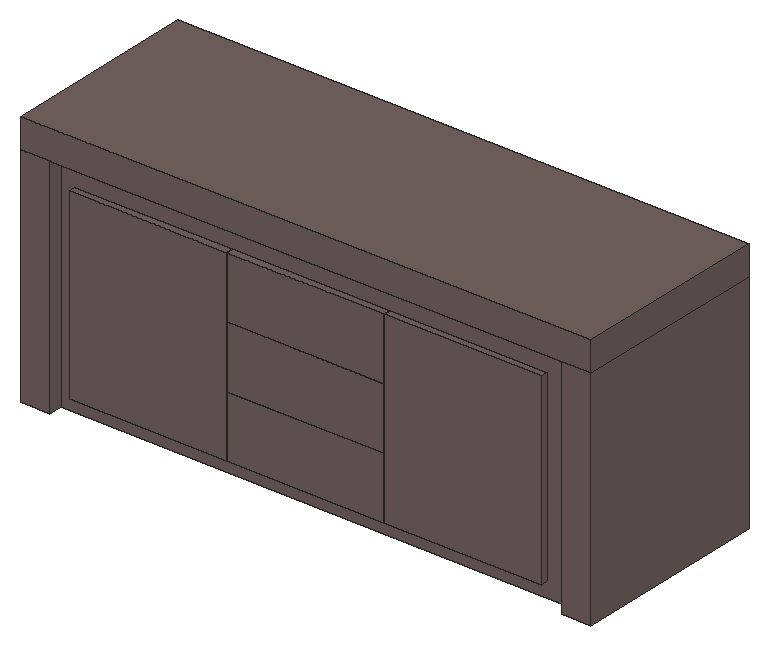
Revit family
Parameters
  Assembly Code = ""
Reference planes
  plane 1 "Center (Front/Back)": y = 0
  plane 2: z = 0
  plane 3 "Center (Left/Right)": x = 0
Forms (mm)
  Extrusion 1, solid, material "Cabinet Body"
    sketch origin (0, 0, 0) x (1, 0, 0) y (0, 1, 0)
      loop
        line (-725, 250) -> (-725, -250) -> (725, -250) -> (725, 250) -> (-725, 250)
    from 575 to 650
  Extrusion 2, solid, material "Cabinet Body"
    sketch origin (0, 0, 0) x (0, 1, 0) y (0, 0, 1)
      loop
        line (250, 575) -> (-250, 575) -> (-250, 0) -> (250, 0) -> (250, 575)
    from -650 to -725
  Extrusion 3, solid
    sketch origin (0, 0, 0) x (1, 0, 0) y (0, 0, 1)
      loop
        line (-650, 575) -> (-650, 0) -> (650, 0) -> (650, 575) -> (-650, 575)
    from -233 to -250
  Extrusion 4, solid, material "Cabinet Door"
    sketch origin (-1000, 0, 0) x (-1, 0, 0) y (0, 0, -1)
      loop
        line (-800, -525) -> (-400, -525) -> (-400, -50) -> (-800, -50) -> (-800, -525)
    from 233 to 250
  Extrusion 5, solid, material "Cabinet Door"
    sketch origin (-200, 0, 0) x (-1, 0, 0) y (0, 0, -1)
      loop
        line (-800, -525) -> (-400, -525) -> (-400, -50) -> (-800, -50) -> (-800, -525)
    from 233 to 250
  Extrusion 6, solid, material "Cabinet Door"
    sketch origin (600, 0, 0) x (1, 0, 0) y (0, 0, 1)
      loop
        line (-800, 525) -> (-800, 366.667) -> (-400, 366.667) -> (-400, 525) -> (-800, 525)
    from 233 to 250
  Extrusion 7, solid
    sketch origin (0, 0, 0) x (1, 0, 0) y (0, 0, 1)
      loop
        line (-580, 505) -> (-580, 70) -> (580, 70) -> (580, 505) -> (-580, 505)
    from 216 to 233
  Extrusion 8, solid, material "Cabinet Body"
    sketch origin (0, 0, 0) x (1, 0, 0) y (0, 0, 1)
      loop
        line (-650, 575) -> (-650, 0) -> (650, 0) -> (650, 575) -> (-650, 575)
    from 199 to 216
  Extrusion 9, solid, material "Cabinet Body"
    sketch origin (0, 0, 0) x (0, 1, 0) y (0, 0, -1)
      loop
        line (250, -575) -> (250, 0) -> (-250, 0) -> (-250, -575) -> (250, -575)
    from -650 to -725
  Extrusion 10, solid, material "Cabinet Door"
    sketch origin (600, 0, 733.333) x (1, 0, 0) y (0, 0, 1)
      loop
        line (-800, -525) -> (-400, -525) -> (-400, -366.667) -> (-800, -366.667) -> (-800, -525)
    from 233 to 250
  Extrusion 11, solid, material "Cabinet Door"
    sketch origin (600, 0, -316.667) x (1, 0, 0) y (0, 0, 1)
      loop
        line (-800, 525) -> (-800, 366.667) -> (-400, 366.667) -> (-400, 525) -> (-800, 525)
    from 233 to 250
Lines and regions (mm)
  reference lines
    curve 1: line (0, 0, 575) -> (0, 0, 525)
